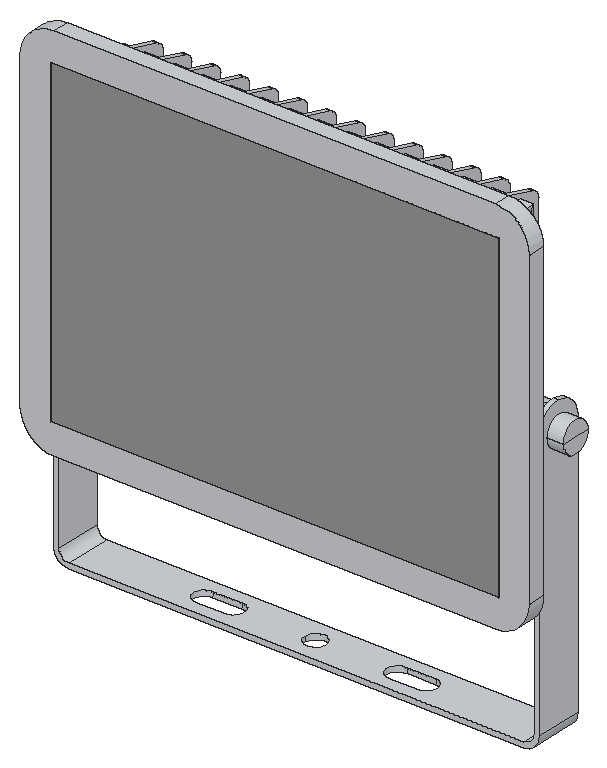
Revit family "0050114", category Lighting Fixtures, Revit 2017
Family settings
  Round Connector Dimension = Use Diameter
  Part Type = Normal
  OmniClass Number = 23.80.70.00
  OmniClass Title = Lighting
  Work Plane-Based = No
  Always vertical = Yes
  Cut with Voids When Loaded = No
  Light Source = Yes
  Shared = No
  Room Calculation Point = No
Parameters (values of type "0050114 ST FLD FLT IP65 3000LM 840 BK")
  Weight = "3.06 kg"
  Wattage = 27 W
  WarrantyStartDate [instance] = "n/a"
  WarrantyGuarantorParts = "n/a"
  WarrantyDurationUnit = "n/a"
  WarrantyDurationParts = "n/a"
  WarrantyDescription = "n/a"
  built-in parameter 1150110 = 1 (stored number, unit not read)
  Voltage = 0 V
  URL = "http://www.sylvania-lighting.com"
  TypeName = "Start Flood Flat IP65 3000LM 840 Black"
  built-in parameter 1114217 = 1 (stored number, unit not read)
  Tilt Angle = 0.00°
  built-in parameter 1150109 = 1 (stored number, unit not read)
  built-in parameter 1150134 = 12
  built-in parameter 1150113 = 1 (stored number, unit not read)
  SerialNumber [instance] = "n/a"
  PowerFactor = 0.9
  PowerConsumption = "27 W"
  Photometric Web File = "0050114.ies"
  NominalWidth = 0 mm
  NominalLength = 133 mm
  NominalHeight = 28 mm
  Name = "Start Flood Flat IP65 3000LM 840 Black"
  ModelReference = "Start Flood Flat IP65 3000LM 840 Black"
  ModelNumber = "0050114"
  Model = "Start Flood Flat IP65 3000LM 840 Black"
  Material_4_FEILO = none
  Material_3_FEILO = none
  Material_2_FEILO = Default New Material
  Material_1_FEILO = none
  Material = "n/a"
  ManufacturerName = "Feilo Sylvania"
  Manufacturer = "Feilo Sylvania"
  LuminousEfficacy = "111 lm/W"
  Lumens = 2997 lm
  LuminaireType = ""
  built-in parameter 1150115 = 1 (stored number, unit not read)
  built-in parameter 1150105 = -3340156.5 (stored number, unit not read)
  LightOutputRatio = "n/a"
  built-in parameter 1150137 = (empty or 0)
  built-in parameter 1150139 = (empty or 0)
  LampsType = "LED"
  LampNominalLuminous = "3000 lm"
  LampMacAdamStep = "5"
  LampColourTemperature = "4000 K"
  LampColourRenderingIndex = "80"
  built-in parameter 1150112 = 1 (stored number, unit not read)
  built-in parameter 1150114 = 1 (stored number, unit not read)
  Lamp = "LED"
  LUM_WIDTH_SYL = 75 mm  # constant formula
  LUM_HEIGHT_SYL = 56 mm  # constant formula
  LUM_EXTR_ST_SYL = -5 mm
  LUM_EXTR_END_SYL = 0 mm
  LUM_DEPTH_SYL = 28 mm
  Keynote = "16500"
  InstallationDate [instance] = "n/a"
  InputVoltage = "n/a"
  InputNominalFrequency = "n/a"
  built-in parameter 1150132 = 2
  built-in parameter 1150102 = (empty or 0)
  built-in parameter 1150138 = (empty or 0)
  built-in parameter 1150107 = 4000 (stored number, unit not read)
  IngressProtection = "IP65"
  ImpactProtectionIndex = "IK06"
  built-in parameter 1150106 = -33401.6 (stored number, unit not read)
  IfcExportType = "IfcLightFixtureType"
  IfcExportAs = "IfcLightFixtureType"
  ElectricShockClassification = "Class I"
  built-in parameter 1150104 = 10.312 (stored number, unit not read)
  DocumentationLiterature = "http://www.sylvania-lighting.com/product/en-int/products/0050114"
  DimmingControlOptions = "n/a"
  Dimming Lamp Color Temperature Shift = <None>
  DIF_WIDTH_SYL = 66 mm  # constant formula
  DIF_HEIGHT_SYL = 47.5 mm  # constant formula
  CreatedOn = "12/2/2020"
  CreatedBy = "@sylvania-lighting.com"
  Color Filter = 16777215
  ClassificationValue = "EF_70_80"
  ClassificationName = "Uniclass2015"
  CABLE_SIDE_DIST_SYL = 44 mm
  CABLE_LENGTH_SYL = 5 mm
  CABLE_FRONT_DIST_SYL = 17.5 mm
  CABLES_DIST_SYL = 56 mm
  BarCode [instance] = "n/a"
  built-in parameter 1114218 = 1 (stored number, unit not read)
  B_RAIL_R_DIST_SYL = 7 mm
  B_RAIL_HEIGHT_SYL = 27 mm
  B_RAIL_DEPTH_SYL = 44 mm
  B_RAIL_CHAMFER_SYL = 7 mm
  BRACKET_HOLDER_WIDTH_SYL = 12 mm
  BRACKET_HOLDER_HEIGHT_SYL = 17 mm
  BRACKET_HOLDER_DIST_SIDE_SYL = 2.8 mm
  BRACKET_HOLDER_DIST_BOTT_SYL = 42 mm
  BRACKET_HOLDER_DEPTH_SYL = 5.7 mm
  BOX_WIDTH_SYL = 60.5 mm
  BOX_TOP_DIST_SYL = 10.5 mm
  BOX_DEPTH_SYL = 14 mm
  BOX_BOTT_DIST_SYL = 28 mm
  BACK_RAIL_WIDTH_SYL = 1.4 mm
  BACK_RAIL_SIDE_DIST_SYL = 19 mm
  BACK_PL_EXTR_ST_SYL = -6 mm
  BACK_PL_EXTR_ST(-1)_SYL = BACK_PL_EXTR_ST_SYL * (-1)  # 6 mm
  BACK_PL_EXTR_END_SYL = -3 mm
  BACK_PL_EXTR_END(-1)_SYL = BACK_PL_EXTR_END_SYL * (-1)  # 3 mm
  built-in parameter 1150133 = 10 (stored number, unit not read)
  AssetType = "Fixed"
  AssetIdentifier [instance] = "n/a"
  Assembly Code = "D5020200"
  Apparent Load = 27 VA
  0_18W_SYL = yes
Types (5, lengths in mm): name | TypeName | built-in parameter 1150134 | Photometric Web File | Name | ModelReference | ModelNumber | Model | LuminousEfficacy | Lumens | built-in parameter 1150105 | LampNominalLuminous | LampColourTemperature | built-in parameter 1150107 | built-in parameter 1150106 | built-in parameter 1150104 | DocumentationLiterature
  0050153 ST FLD FLT IP65 3000LM 865 BK | "Start Flood Flat IP65 3000LM 865 Black" | 1 | "0050153.ies" | "Start Flood Flat IP65 3000LM 865 Black" | "Start Flood Flat IP65 3000LM 865 Black" | "0050153" | "Start Flood Flat IP65 3000LM 865 Black" | "111 lm/W" | 2997 lm | -3340156.5 (stored number, unit not read) | "3000 lm" | "6500 K" | 6500 (stored number, unit not read) | -33401.6 (stored number, unit not read) | 10.312 (stored number, unit not read) | "http://www.sylvania-lighting.com/product/en-int/products/0050153"
  0050116 ST FLD FLT IP65 3000LM 840 WH | "Start Flood Flat IP65 3000LM 840 White" | 12 | "0050116.ies" | "Start Flood Flat IP65 3000LM 840 White" | "Start Flood Flat IP65 3000LM 840 White" | "0050116" | "Start Flood Flat IP65 3000LM 840 White" | "111 lm/W" | 2997 lm | -3340156.5 (stored number, unit not read) | "3000 lm" | "4000 K" | 4000 (stored number, unit not read) | -33401.6 (stored number, unit not read) | 10.312 (stored number, unit not read) | "http://www.sylvania-lighting.com/product/en-int/products/0050116"
  0050115 ST FLD FLT IP65 2850LM 830 WH | "Start Flood Flat IP65 2850LM 830 White" | (empty or 0) | "0050115.ies" | "Start Flood Flat IP65 2850LM 830 White" | "Start Flood Flat IP65 2850LM 830 White" | "0050115" | "Start Flood Flat IP65 2850LM 830 White" | "106 lm/W" | 2862 lm | -3030228.4 (stored number, unit not read) | "2850 lm" | "3000 K" | 3000 (stored number, unit not read) | -30302.3 (stored number, unit not read) | 9.8477 (stored number, unit not read) | "http://www.sylvania-lighting.com/product/en-int/products/0050115"
  0050114 ST FLD FLT IP65 3000LM 840 BK | "Start Flood Flat IP65 3000LM 840 Black" | 12 | "0050114.ies" | "Start Flood Flat IP65 3000LM 840 Black" | "Start Flood Flat IP65 3000LM 840 Black" | "0050114" | "Start Flood Flat IP65 3000LM 840 Black" | "111 lm/W" | 2997 lm | -3340156.5 (stored number, unit not read) | "3000 lm" | "4000 K" | 4000 (stored number, unit not read) | -33401.6 (stored number, unit not read) | 10.312 (stored number, unit not read) | "http://www.sylvania-lighting.com/product/en-int/products/0050114"
  0050113 ST FLD FLT IP65 2850LM 830 BK | "Start Flood Flat IP65 2850LM 830 Black" | (empty or 0) | "0050113.ies" | "Start Flood Flat IP65 2850LM 830 Black" | "Start Flood Flat IP65 2850LM 830 Black" | "0050113" | "Start Flood Flat IP65 2850LM 830 Black" | "106 lm/W" | 2862 lm | -3030228.4 (stored number, unit not read) | "2850 lm" | "3000 K" | 3000 (stored number, unit not read) | -30302.3 (stored number, unit not read) | 9.8477 (stored number, unit not read) | "http://www.sylvania-lighting.com/product/en-int/products/0050113"
Reference planes
  plane 1 "Light Source Axis (F/B)": y = 0
  plane 2: z = 0
  plane 3 "Light Source Axis (L/R)": x = 0
  plane 4 "Light Source Elevation": z = -0.469
  plane 5: x = 75
  plane 6: x = -75
  plane 7: z = 56
  plane 8: z = -56
  plane 9: x = 66
  plane 10: x = -66
  plane 11: z = 47.5
  plane 12: z = -47.5
  plane 13: y = 6
  plane 14: y = 3
  plane 15: x = -60.5
  plane 16: x = 60.5
  plane 17: y = 20
  plane 18: z = 45.5
  plane 19: z = -28
  plane 20: y = 28
  plane 21: z = -14
  plane 22: z = -2
  plane 23: y = 21
  plane 24: x = 54.2
  plane 25: x = 39.5
  plane 26: x = 31
  plane 27: x = -25
  plane 28: y = 14
  plane 29: z = -38
  plane 30: y = 27
  plane 31: z = 16
  plane 32: z = 9
  plane 33: x = 56
  plane 34: x = 54.6
  plane 35: x = 47.6
  plane 36: x = 20.8
  plane 37: x = 13.8
  plane 38: x = 12.4
  plane 39: x = 5.4
  plane 40: x = 4
  plane 41: z = -50.4
  plane 42: x = 64
  plane 43: x = 70
  plane 44: z = -59.1
Forms (mm)
  Extrusion 1, solid
    sketch origin (0, 0, 0) x (1, 0, 0) y (0, 0, 1)
      loop
        arc (-65, 56) -> (-72.071, 53.071) -> (-75, 46) r 10
        line (-75, 46) -> (-75, -46)
        arc (-75, -46) -> (-72.071, -53.071) -> (-65, -56) r 10
        line (-65, -56) -> (65, -56)
        arc (65, -56) -> (72.071, -53.071) -> (75, -46) r 10
        line (75, -46) -> (75, 46)
        arc (75, 46) -> (72.071, 53.071) -> (65, 56) r 10
        line (65, 56) -> (-65, 56)
      loop
        line (-66, 47.5) -> (-66, -47.5) -> (66, -47.5) -> (66, 47.5) -> (-66, 47.5)
    from -5 <- "LUM_EXTR_ST_SYL" to 0 <- "LUM_EXTR_END_SYL"
  Extrusion 2, solid, material "Default New Material" <- "Material_2_FEILO"
    sketch origin (0, 0, 0) x (1, 0, 0) y (0, 0, 1)
      loop
        line (-66, 47.5) -> (-66, -47.5) -> (66, -47.5) -> (66, 47.5) -> (-66, 47.5)
    from -3 <- "BACK_PL_EXTR_END_SYL" to 0 <- "LUM_EXTR_END_SYL"
  Extrusion 3, solid
    sketch origin (0, 0, 0) x (1, 0, 0) y (0, 0, 1)
      loop
        line (66, 47.5) -> (-66, 47.5) -> (-66, -47.5) -> (66, -47.5) -> (66, 47.5)
    from -6 <- "BACK_PL_EXTR_ST_SYL" to -3 <- "BACK_PL_EXTR_END_SYL"
  Extrusion 4, solid
    sketch origin (0, 0, 0) x (1, 0, 0) y (0, 1, 0)
      loop
        arc (-59.5, 20) -> (-60.207, 19.707) -> (-60.5, 19) r 1
        line (-60.5, 19) -> (-60.5, 6) -> (60.5, 6) -> (60.5, 19)
        arc (60.5, 19) -> (60.207, 19.707) -> (59.5, 20) r 1
        line (59.5, 20) -> (-59.5, 20)
    from -28 to 45.5
  Extrusion 5, solid
    sketch origin (0, 0, 0) x (1, 0, 0) y (0, 1, 0)
      loop
        arc (-52.5, 28) -> (-58.157, 25.657) -> (-60.5, 20) r 8
        line (-60.5, 20) -> (-60.5, 6) -> (60.5, 6) -> (60.5, 20)
        arc (60.5, 20) -> (58.157, 25.657) -> (52.5, 28) r 8
        line (52.5, 28) -> (-52.5, 28)
    from -47.5 to -28
  Extrusion 6, solid
    sketch origin (0, 0, 0) x (0, 1, 0) y (0, 0, 1)
      loop
        line (5, -2) -> (5, -14) -> (15, -14)
        arc (15, -14) -> (19.243, -12.243) -> (21, -8) r 6
        arc (21, -8) -> (19.243, -3.757) -> (15, -2) r 6
        line (15, -2) -> (5, -2)
      loop
        circle (15, -8) r 2.5
    from 64 to 70
  Extrusion 7, solid
    sketch origin (0, 0, 0) x (1, 0, 0) y (0, 1, 0)
      loop
        circle (-25, 14) r 7
      loop
        circle (31, 14) r 9
    from -59.1 to -47.5
  Extrusion 8, solid
    sketch origin (-75.017, 5.639, -10.469) x (0, 1, 0) y (0, 0, -1)
      loop
        line (-0.625, 17.969) -> (-0.625, -34.188) -> (-0.625, -61.668) -> (19.238, -55.969)
        arc (19.238, -55.969) -> (20.908, -54.706) -> (21.299, -52.649) r 2.911
        line (21.299, -52.649) -> (21.299, 17.969) -> (-0.625, 17.969)
    from -131.017 to -129.617
  Extrusion 9, solid
    sketch origin (0, 0, 0) x (0, 1, 0) y (0, 0, -1)
      loop
        line (5, 2) -> (15, 2)
        arc (15, 2) -> (19.243, 3.757) -> (21, 8) r 6
        arc (21, 8) -> (19.243, 12.243) -> (15, 14) r 6
        line (15, 14) -> (5, 14) -> (5, 2)
      loop
        circle (15, 8) r 2.5
    from 64 to 70
  Extrusion 10, solid
    sketch origin (75.017, 5.639, -10.469) x (0, 1, 0) y (0, 0, 1)
      loop
        line (-0.625, -17.969) -> (21.299, -17.969) -> (21.299, 52.649)
        arc (21.299, 52.649) -> (20.908, 54.706) -> (19.238, 55.969) r 2.911
        line (19.238, 55.969) -> (-0.625, 61.668) -> (-0.625, 34.188) -> (-0.625, -17.969)
    from -131.017 to -129.617
  Extrusion 11, solid
    sketch origin (-185.617, 5.639, -10.469) x (0, 1, 0) y (0, 0, -1)
      loop
        line (-0.625, 17.969) -> (-0.625, -34.188) -> (-0.625, -61.668) -> (19.238, -55.969)
        arc (19.238, -55.969) -> (20.908, -54.706) -> (21.299, -52.649) r 2.911
        line (21.299, -52.649) -> (21.299, 17.969) -> (-0.625, 17.969)
    from -131.017 to -129.617
  Extrusion 12, solid
    sketch origin (-83.524, 5.639, -10.469) x (0, 1, 0) y (0, 0, -1)
      loop
        line (-0.625, 17.969) -> (-0.625, -34.188) -> (-0.625, -61.668) -> (19.238, -55.969)
        arc (19.238, -55.969) -> (20.908, -54.706) -> (21.299, -52.649) r 2.911
        line (21.299, -52.649) -> (21.299, 17.969) -> (-0.625, 17.969)
    from -131.017 to -129.617
  Extrusion 13, solid
    sketch origin (-92.032, 5.639, -10.469) x (0, 1, 0) y (0, 0, -1)
      loop
        line (-0.625, 17.969) -> (-0.625, -34.188) -> (-0.625, -61.668) -> (19.238, -55.969)
        arc (19.238, -55.969) -> (20.908, -54.706) -> (21.299, -52.649) r 2.911
        line (21.299, -52.649) -> (21.299, 17.969) -> (-0.625, 17.969)
    from -131.017 to -129.617
  Extrusion 14, solid
    sketch origin (-100.54, 5.639, -10.469) x (0, 1, 0) y (0, 0, -1)
      loop
        line (-0.625, 17.969) -> (-0.625, -34.188) -> (-0.625, -61.668) -> (19.238, -55.969)
        arc (19.238, -55.969) -> (20.908, -54.706) -> (21.299, -52.649) r 2.911
        line (21.299, -52.649) -> (21.299, 17.969) -> (-0.625, 17.969)
    from -131.017 to -129.617
  Extrusion 15, solid
    sketch origin (-109.047, 5.639, -10.469) x (0, 1, 0) y (0, 0, -1)
      loop
        line (-0.625, 17.969) -> (-0.625, -34.188) -> (-0.625, -61.668) -> (19.238, -55.969)
        arc (19.238, -55.969) -> (20.908, -54.706) -> (21.299, -52.649) r 2.911
        line (21.299, -52.649) -> (21.299, 17.969) -> (-0.625, 17.969)
    from -131.017 to -129.617
  Extrusion 16, solid
    sketch origin (-117.555, 5.639, -10.469) x (0, 1, 0) y (0, 0, -1)
      loop
        line (-0.625, 17.969) -> (-0.625, -34.188) -> (-0.625, -61.668) -> (19.238, -55.969)
        arc (19.238, -55.969) -> (20.908, -54.706) -> (21.299, -52.649) r 2.911
        line (21.299, -52.649) -> (21.299, 17.969) -> (-0.625, 17.969)
    from -131.017 to -129.617
  Extrusion 17, solid
    sketch origin (-126.063, 5.639, -10.469) x (0, 1, 0) y (0, 0, -1)
      loop
        line (-0.625, 17.969) -> (-0.625, -34.188) -> (-0.625, -61.668) -> (19.238, -55.969)
        arc (19.238, -55.969) -> (20.908, -54.706) -> (21.299, -52.649) r 2.911
        line (21.299, -52.649) -> (21.299, 17.969) -> (-0.625, 17.969)
    from -131.017 to -129.617
  Extrusion 18, solid
    sketch origin (-134.571, 5.639, -10.469) x (0, 1, 0) y (0, 0, -1)
      loop
        line (-0.625, 17.969) -> (-0.625, -34.188) -> (-0.625, -61.668) -> (19.238, -55.969)
        arc (19.238, -55.969) -> (20.908, -54.706) -> (21.299, -52.649) r 2.911
        line (21.299, -52.649) -> (21.299, 17.969) -> (-0.625, 17.969)
    from -131.017 to -129.617
  Extrusion 19, solid
    sketch origin (-143.078, 5.639, -10.469) x (0, 1, 0) y (0, 0, -1)
      loop
        line (-0.625, 17.969) -> (-0.625, -34.188) -> (-0.625, -61.668) -> (19.238, -55.969)
        arc (19.238, -55.969) -> (20.908, -54.706) -> (21.299, -52.649) r 2.911
        line (21.299, -52.649) -> (21.299, 17.969) -> (-0.625, 17.969)
    from -131.017 to -129.617
  Extrusion 20, solid
    sketch origin (-151.586, 5.639, -10.469) x (0, 1, 0) y (0, 0, -1)
      loop
        line (-0.625, 17.969) -> (-0.625, -34.188) -> (-0.625, -61.668) -> (19.238, -55.969)
        arc (19.238, -55.969) -> (20.908, -54.706) -> (21.299, -52.649) r 2.911
        line (21.299, -52.649) -> (21.299, 17.969) -> (-0.625, 17.969)
    from -131.017 to -129.617
  Extrusion 21, solid
    sketch origin (-160.094, 5.639, -10.469) x (0, 1, 0) y (0, 0, -1)
      loop
        line (-0.625, 17.969) -> (-0.625, -34.188) -> (-0.625, -61.668) -> (19.238, -55.969)
        arc (19.238, -55.969) -> (20.908, -54.706) -> (21.299, -52.649) r 2.911
        line (21.299, -52.649) -> (21.299, 17.969) -> (-0.625, 17.969)
    from -131.017 to -129.617
  Extrusion 22, solid
    sketch origin (-168.601, 5.639, -10.469) x (0, 1, 0) y (0, 0, -1)
      loop
        line (-0.625, 17.969) -> (-0.625, -34.188) -> (-0.625, -61.668) -> (19.238, -55.969)
        arc (19.238, -55.969) -> (20.908, -54.706) -> (21.299, -52.649) r 2.911
        line (21.299, -52.649) -> (21.299, 17.969) -> (-0.625, 17.969)
    from -131.017 to -129.617
  Extrusion 23, solid
    sketch origin (-177.109, 5.639, -10.469) x (0, 1, 0) y (0, 0, -1)
      loop
        line (-0.625, 17.969) -> (-0.625, -34.188) -> (-0.625, -61.668) -> (19.238, -55.969)
        arc (19.238, -55.969) -> (20.908, -54.706) -> (21.299, -52.649) r 2.911
        line (21.299, -52.649) -> (21.299, 17.969) -> (-0.625, 17.969)
    from -131.017 to -129.617
Cuts and joins
  joined: Extrusion 1, Extrusion 3, Extrusion 4, Extrusion 5
Dimensions and locks
  "LUM_WIDTH_SYL": plane 5 to plane 3 "Light Source Axis (L/R)" to plane 6
  "LUM_HEIGHT_SYL": plane 7 to plane 2 to plane 8
  "DIF_WIDTH_SYL": plane 9 to plane 3 "Light Source Axis (L/R)" to plane 10
  "DIF_HEIGHT_SYL": plane 11 to plane 2 to plane 12
  "BACK_PL_EXTR_ST(-1)_SYL": plane 1 "Light Source Axis (F/B)" to plane 13
  "BACK_PL_EXTR_END(-1)_SYL": plane 1 "Light Source Axis (F/B)" to plane 14
  "BOX_WIDTH_SYL": plane 15 to plane 3 "Light Source Axis (L/R)" to plane 16
  "BOX_DEPTH_SYL": plane 13 to plane 17
  "BOX_TOP_DIST_SYL": plane 18 to plane 7
  "BOX_BOTT_DIST_SYL": plane 8 to plane 19
  "LUM_DEPTH_SYL": plane 1 "Light Source Axis (F/B)" to plane 20
  "BRACKET_HOLDER_DIST_BOTT_SYL": plane 21 to plane 8
  "BRACKET_HOLDER_WIDTH_SYL": plane 22 to plane 21
  cut or joined group of Extrusion 1, Extrusion 3, Extrusion 4, Extrusion 5 to plane 23 = 15 mm
  cut or joined group of Extrusion 1, Extrusion 3, Extrusion 4, Extrusion 5 to plane 24 = 20.8 mm
  plane 25 to plane 24 = 14.7 mm
  "CABLES_DIST_SYL": plane 27 to plane 26
  "CABLE_SIDE_DIST_SYL": plane 26 to plane 5
  cut or joined group of Extrusion 1, Extrusion 3, Extrusion 4, Extrusion 5 to plane 28 = 14 mm
  cut or joined group of Extrusion 1, Extrusion 3, Extrusion 4, Extrusion 5 to plane 29 = 18 mm
  "B_RAIL_HEIGHT_SYL": plane 30 to plane 1 "Light Source Axis (F/B)"
  "B_RAIL_DEPTH_SYL": plane 31 to plane 19
  "B_RAIL_CHAMFER_SYL": plane 31 to plane 32
  "BACK_RAIL_SIDE_DIST_SYL": plane 5 to plane 33
  "BACK_RAIL_WIDTH_SYL": plane 33 to plane 34
  "B_RAIL_R_DIST_SYL": plane 34 to plane 35
  "B_RAIL_R_DIST_SYL": plane 36 to plane 37
  "BACK_RAIL_WIDTH_SYL": plane 37 to plane 38
  "BACK_RAIL_WIDTH_SYL": plane 39 to plane 40
  "B_RAIL_R_DIST_SYL": plane 38 to plane 39
  plane 35 to plane 26 = 16.6 mm
  equal spacing: group 2, group 14, group 13, group 12, group 11, group 10, group 9, group 8, group 7, group 6, group 5, group 4, group 3, group 1
  equal spacing: group 1, group 3, group 4, group 5, group 6, group 7, group 8, group 9, group 10, group 11, group 12, group 13, group 14, group 2  (x2)
  aligned and locked: plane 4 "Light Source Elevation" to imposter light
  aligned and locked: level to plane 2
  aligned and locked: Extrusion 1 sketch curve to plane 7
  aligned and locked: plane 6 to Extrusion 1 sketch curve
  aligned and locked: plane 8 to Extrusion 1 sketch curve
  aligned and locked: Extrusion 1 sketch curve to plane 5
  aligned and locked: Extrusion 1 sketch curve to plane 11
  aligned and locked: plane 10 to Extrusion 1 sketch curve
  aligned and locked: plane 12 to Extrusion 1 sketch curve
  aligned and locked: Extrusion 1 sketch curve to plane 9
  aligned and locked: Extrusion 2 sketch curve to Extrusion 1  (x4)
  aligned and locked: Extrusion 3 sketch curve to Extrusion 1  (x4)
  aligned and locked: Extrusion 3 to Extrusion 2
  aligned and locked: plane 17 to Extrusion 4 sketch curve
  aligned and locked: plane 15 to Extrusion 4 sketch curve
  aligned and locked: Extrusion 4 sketch curve to plane 13
  aligned and locked: Extrusion 4 sketch curve to plane 16
  aligned and locked: plane 18 to Extrusion 4
  aligned and locked: Extrusion 4 to plane 19
  aligned and locked: plane 20 to Extrusion 5 sketch curve
  aligned and locked: plane 15 to Extrusion 5 sketch curve
  aligned and locked: cut or joined group of Extrusion 1, Extrusion 3, Extrusion 4, Extrusion 5 to Extrusion 5 sketch curve
  aligned and locked: Extrusion 5 sketch curve to cut or joined group of Extrusion 1, Extrusion 3, Extrusion 4, Extrusion 5
  aligned and locked: plane 19 to Extrusion 5
  aligned and locked: Extrusion 5 to plane 12
  aligned and locked: Extrusion 6 sketch curve to plane 22
  aligned and locked: plane 21 to Extrusion 6 sketch curve
  aligned and locked: Extrusion 7 to Extrusion 2
  aligned and locked: Extrusion 6 to cut or joined group of Extrusion 1, Extrusion 3, Extrusion 4, Extrusion 5
  aligned and locked: plane 42 to Extrusion 6
  aligned and locked: Extrusion 6 to plane 43
  aligned and locked: Extrusion 7 to plane 44
  aligned and locked: plane 33 to Extrusion 8
  aligned and locked: Extrusion 8 to plane 34
Automatic sketch dimensions
  plane 18 to Extrusion 1 sketch curve = 0.5 mm  (x2)
  plane 10 to Extrusion 1 sketch curve = 1 mm
  Extrusion 1 sketch curve to plane 9 = 1 mm
  plane 15 to Extrusion 4 sketch curve = 1 mm
  Extrusion 4 sketch curve to plane 16 = 1 mm
  Extrusion 5 sketch curve to plane 15 = 0 mm
  plane 28 to Extrusion 5 sketch curve = 6 mm  (x2)
  Extrusion 6 sketch curve to Extrusion 6 sketch curve = 0 mm  (x5)
  Extrusion 6 sketch curve to plane 23 = 0 mm
  plane 13 to Extrusion 6 sketch curve = 1 mm
  Extrusion 7 sketch curve to plane 27 = 0 mm
  Extrusion 7 sketch curve to plane 26 = 0 mm
  Extrusion 7 sketch curve to plane 28 = 0 mm  (x2)
  Extrusion 9 sketch curve to Extrusion 9 sketch curve = 0 mm  (x6)
  Extrusion 9 sketch curve to plane 21 = 0 mm
  Extrusion 9 sketch curve to plane 22 = 0 mm
  Extrusion 9 sketch curve to plane 23 = 0 mm
  plane 13 to Extrusion 9 sketch curve = 1 mm
  Extrusion 10 sketch curve to plane 18 = 0 mm
  Extrusion 10 sketch curve to plane 19 = 0.438 mm
  plane 13 to Extrusion 10 sketch curve = 0.986 mm
  plane 30 to Extrusion 10 sketch curve = 2.927 mm
  plane 30 to Extrusion 10 sketch curve = 2.124 mm
  plane 30 to Extrusion 10 sketch curve = 0.062 mm
  plane 31 to Extrusion 10 sketch curve = 7.719 mm
  Extrusion 10 sketch curve to plane 18 = 3.32 mm
  Extrusion 8 sketch curve to Extrusion 8 sketch curve = 19.06 mm
  Extrusion 8 sketch curve to Extrusion 8 sketch curve = 0.803 mm
  Extrusion 8 sketch curve to Extrusion 8 sketch curve = 21.924 mm
  Extrusion 8 sketch curve to Extrusion 8 sketch curve = 5.699 mm
  Extrusion 8 sketch curve to Extrusion 8 sketch curve = 18.983 mm
  Extrusion 8 sketch curve to Extrusion 8 sketch curve = 52.156 mm
  Extrusion 11 sketch curve to Extrusion 11 sketch curve = 19.06 mm
  Extrusion 11 sketch curve to Extrusion 11 sketch curve = 0.803 mm
  Extrusion 11 sketch curve to Extrusion 11 sketch curve = 21.924 mm
  Extrusion 11 sketch curve to Extrusion 11 sketch curve = 5.699 mm
  Extrusion 11 sketch curve to Extrusion 11 sketch curve = 18.983 mm
  Extrusion 11 sketch curve to Extrusion 11 sketch curve = 52.156 mm
  Extrusion 12 sketch curve to Extrusion 12 sketch curve = 19.06 mm
  Extrusion 12 sketch curve to Extrusion 12 sketch curve = 0.803 mm
  Extrusion 12 sketch curve to Extrusion 12 sketch curve = 21.924 mm
  Extrusion 12 sketch curve to Extrusion 12 sketch curve = 5.699 mm
  Extrusion 12 sketch curve to Extrusion 12 sketch curve = 18.983 mm
  Extrusion 12 sketch curve to Extrusion 12 sketch curve = 52.156 mm
  Extrusion 13 sketch curve to Extrusion 13 sketch curve = 19.06 mm
  Extrusion 13 sketch curve to Extrusion 13 sketch curve = 0.803 mm
  Extrusion 13 sketch curve to Extrusion 13 sketch curve = 21.924 mm
  Extrusion 13 sketch curve to Extrusion 13 sketch curve = 5.699 mm
  Extrusion 13 sketch curve to Extrusion 13 sketch curve = 18.983 mm
  Extrusion 13 sketch curve to Extrusion 13 sketch curve = 52.156 mm
  Extrusion 14 sketch curve to Extrusion 14 sketch curve = 19.06 mm
  Extrusion 14 sketch curve to Extrusion 14 sketch curve = 0.803 mm
  Extrusion 14 sketch curve to Extrusion 14 sketch curve = 21.924 mm
  Extrusion 14 sketch curve to Extrusion 14 sketch curve = 5.699 mm
  Extrusion 14 sketch curve to Extrusion 14 sketch curve = 18.983 mm
  Extrusion 14 sketch curve to Extrusion 14 sketch curve = 52.156 mm
  Extrusion 15 sketch curve to Extrusion 15 sketch curve = 19.06 mm
  Extrusion 15 sketch curve to Extrusion 15 sketch curve = 0.803 mm
  Extrusion 15 sketch curve to Extrusion 15 sketch curve = 21.924 mm
  Extrusion 15 sketch curve to Extrusion 15 sketch curve = 5.699 mm
  Extrusion 15 sketch curve to Extrusion 15 sketch curve = 18.983 mm
  Extrusion 15 sketch curve to Extrusion 15 sketch curve = 52.156 mm
  Extrusion 16 sketch curve to Extrusion 16 sketch curve = 19.06 mm
  Extrusion 16 sketch curve to Extrusion 16 sketch curve = 0.803 mm
  Extrusion 16 sketch curve to Extrusion 16 sketch curve = 21.924 mm
  Extrusion 16 sketch curve to Extrusion 16 sketch curve = 5.699 mm
  Extrusion 16 sketch curve to Extrusion 16 sketch curve = 18.983 mm
  Extrusion 16 sketch curve to Extrusion 16 sketch curve = 52.156 mm
  Extrusion 17 sketch curve to Extrusion 17 sketch curve = 19.06 mm
  Extrusion 17 sketch curve to Extrusion 17 sketch curve = 0.803 mm
  Extrusion 17 sketch curve to Extrusion 17 sketch curve = 21.924 mm
  Extrusion 17 sketch curve to Extrusion 17 sketch curve = 5.699 mm
  Extrusion 17 sketch curve to Extrusion 17 sketch curve = 18.983 mm
  Extrusion 17 sketch curve to Extrusion 17 sketch curve = 52.156 mm
  Extrusion 18 sketch curve to Extrusion 18 sketch curve = 19.06 mm
  Extrusion 18 sketch curve to Extrusion 18 sketch curve = 0.803 mm
  Extrusion 18 sketch curve to Extrusion 18 sketch curve = 21.924 mm
  Extrusion 18 sketch curve to Extrusion 18 sketch curve = 5.699 mm
  Extrusion 18 sketch curve to Extrusion 18 sketch curve = 18.983 mm
  Extrusion 18 sketch curve to Extrusion 18 sketch curve = 52.156 mm
  Extrusion 19 sketch curve to Extrusion 19 sketch curve = 19.06 mm
  Extrusion 19 sketch curve to Extrusion 19 sketch curve = 0.803 mm
  Extrusion 19 sketch curve to Extrusion 19 sketch curve = 21.924 mm
  Extrusion 19 sketch curve to Extrusion 19 sketch curve = 5.699 mm
  Extrusion 19 sketch curve to Extrusion 19 sketch curve = 18.983 mm
  Extrusion 19 sketch curve to Extrusion 19 sketch curve = 52.156 mm
  Extrusion 20 sketch curve to Extrusion 20 sketch curve = 19.06 mm
  Extrusion 20 sketch curve to Extrusion 20 sketch curve = 0.803 mm
  Extrusion 20 sketch curve to Extrusion 20 sketch curve = 21.924 mm
  Extrusion 20 sketch curve to Extrusion 20 sketch curve = 5.699 mm
  Extrusion 20 sketch curve to Extrusion 20 sketch curve = 18.983 mm
  Extrusion 20 sketch curve to Extrusion 20 sketch curve = 52.156 mm
  Extrusion 21 sketch curve to Extrusion 21 sketch curve = 19.06 mm
  Extrusion 21 sketch curve to Extrusion 21 sketch curve = 0.803 mm
  Extrusion 21 sketch curve to Extrusion 21 sketch curve = 21.924 mm
  Extrusion 21 sketch curve to Extrusion 21 sketch curve = 5.699 mm
  Extrusion 21 sketch curve to Extrusion 21 sketch curve = 18.983 mm
  Extrusion 21 sketch curve to Extrusion 21 sketch curve = 52.156 mm
  Extrusion 22 sketch curve to Extrusion 22 sketch curve = 19.06 mm
  Extrusion 22 sketch curve to Extrusion 22 sketch curve = 0.803 mm
  Extrusion 22 sketch curve to Extrusion 22 sketch curve = 21.924 mm
  Extrusion 22 sketch curve to Extrusion 22 sketch curve = 5.699 mm
  Extrusion 22 sketch curve to Extrusion 22 sketch curve = 18.983 mm
  Extrusion 22 sketch curve to Extrusion 22 sketch curve = 52.156 mm
  Extrusion 23 sketch curve to Extrusion 23 sketch curve = 19.06 mm
  Extrusion 23 sketch curve to Extrusion 23 sketch curve = 0.803 mm
  Extrusion 23 sketch curve to Extrusion 23 sketch curve = 21.924 mm
  Extrusion 23 sketch curve to Extrusion 23 sketch curve = 5.699 mm
  Extrusion 23 sketch curve to Extrusion 23 sketch curve = 18.983 mm
  Extrusion 23 sketch curve to Extrusion 23 sketch curve = 52.156 mm
  radius of Extrusion 6 sketch curve = 2.5 mm
  radius of Extrusion 7 sketch curve = 7 mm
  radius of Extrusion 7 sketch curve = 9 mm
  radius of Extrusion 9 sketch curve = 2.5 mm
Nested families
  nested 1: "START Flood Flat - 27W_bracket" at (0, 15.031, -52.52), type "START Flood Flat - 27W_bracket"
  nested 2: "bolt" at (-71.5, 15.031, -8.02) x (-1, 0, 0) z (0, 0, 1), type "bolt"
  nested 3: "bolt" at (71.5, 15.031, -7.969), type "bolt"
Definition of nested family "START Flood Flat - 27W_bracket"
  Parameters (values of type "START Flood Flat - 27W_bracket")
    WIDTH_SYL = 143 mm
    THICKNESS_SYL = 1.5 mm
    Material_4_SYL = none
    Material_3_SYL = none
    Material_2_SYL = none
    Material_1_SYL = none
    HOLE_DIST_SYL = 8.5 mm
    HOLE2_DIST_SYL = 8 mm
    HEIGHT_SYL = 90 mm
    HALF_SYL = WIDTH_SYL / 2  # 71.5 mm
    FILLET_SYL = 7 mm
    DEPTH_2_SYL = -7 mm
    DEPTH_1_SYL = 7 mm
    CUTOUT_DIST_SYL = 24.2 mm
  Reference planes
    plane 1 "Center (Front/Back)": y = 0
    plane 2: z = 0
    plane 3 "Center (Left/Right)": x = 0
    plane 4: x = -71.5
    plane 5: x = 71.5
    plane 6: z = -37.5
    plane 7: z = 52.5
    plane 8: x = -70
    plane 9: z = -36
    plane 10: x = 70
    plane 11: z = 44.5
    plane 12: z = 45.5
    plane 13: x = 24.2
    plane 14: x = -24.2
    plane 15: x = 32.7
    plane 16: x = -32.7
  Forms (mm)
    Extrusion 1, solid
      sketch origin (0, 0, 0) x (1, 0, 0) y (0, 0, 1)
        loop
          arc (-71.5, -33) -> (-70.182, -36.182) -> (-67, -37.5) r 4.5
          line (-67, -37.5) -> (67, -37.5)
          arc (67, -37.5) -> (70.182, -36.182) -> (71.5, -33) r 4.5
          line (71.5, -33) -> (71.5, 52.5) -> (70, 52.5) -> (70, -33)
          arc (70, -33) -> (69.121, -35.121) -> (67, -36) r 3
          line (67, -36) -> (-67, -36)
          arc (-67, -36) -> (-69.121, -35.121) -> (-70, -33) r 3
          line (-70, -33) -> (-70, 52.5) -> (-71.5, 52.5) -> (-71.5, -33)
      from -7 <- "DEPTH_2_SYL" to 7 <- "DEPTH_1_SYL"
    Extrusion 2, void
      sketch origin (0, 0, 0) x (0, 1, 0) y (0, 0, 1)
        loop
          circle (0, 44.5) r 3.15
      from -71.5 to 71.5
    Extrusion 3, void
      sketch origin (0, 0, 0) x (0, 1, 0) y (0, 0, 1)
        loop
          line (7, 45.5) -> (14.83, 58.08) -> (-15.17, 58.08) -> (-7, 45.5)
          arc (-7, 45.5) -> (-4.95, 50.45) -> (0, 52.5) r 7
          arc (0, 52.5) -> (4.95, 50.45) -> (7, 45.5) r 7
      from -71.5 to 71.5
    Extrusion 4, void
      sketch origin (0, 0, 0) x (1, 0, 0) y (0, 1, 0)
        loop
          circle (0, 0) r 3.25
        loop
          arc (-32.7, 3.25) -> (-35.95, 0) -> (-32.7, -3.25) r 3.25
          line (-32.7, -3.25) -> (-24.2, -3.25)
          arc (-24.2, -3.25) -> (-20.95, 0) -> (-24.2, 3.25) r 3.25
          line (-24.2, 3.25) -> (-32.7, 3.25)
        loop
          line (24.2, -3.25) -> (32.7, -3.25)
          arc (32.7, -3.25) -> (35.95, 0) -> (32.7, 3.25) r 3.25
          line (32.7, 3.25) -> (24.2, 3.25)
          arc (24.2, 3.25) -> (20.95, 0) -> (24.2, -3.25) r 3.25
      from -54.767 to -28.006
  Cuts and joins
    Extrusion 2, Extrusion 3, Extrusion 4 cuts Extrusion 1
  Dimensions and locks
    "THICKNESS_SYL": plane 8 to plane 4
    "THICKNESS_SYL": plane 5 to plane 10
    "WIDTH_SYL": plane 5 to plane 4
    "HEIGHT_SYL": plane 7 to plane 6
    "FILLET_SYL": plane 7 to plane 12
    "CUTOUT_DIST_SYL": plane 14 to plane 3 "Center (Left/Right)" to plane 13
    "HOLE_DIST_SYL": plane 16 to plane 14
    "HOLE_DIST_SYL": plane 13 to plane 15
    "HOLE2_DIST_SYL": plane 7 to plane 11
    "HALF_SYL": plane 4 to plane 3 "Center (Left/Right)"
    aligned and locked: level to plane 2
    aligned and locked: plane 4 to Extrusion 1 sketch curve
    aligned and locked: plane 6 to Extrusion 1 sketch curve
    aligned and locked: Extrusion 1 sketch curve to plane 5
    aligned and locked: plane 8 to Extrusion 1 sketch curve
    aligned and locked: plane 9 to Extrusion 1 sketch curve
    aligned and locked: Extrusion 1 sketch curve to plane 10
    aligned and locked: plane 7 to Extrusion 1 sketch curve  (x2)
    aligned and locked: Extrusion 1 to Extrusion 2  (x2)
    aligned and locked: Extrusion 1 to Extrusion 3
    aligned and locked: Extrusion 3 to Extrusion 1
  Automatic sketch dimensions
    Extrusion 1 sketch curve to Extrusion 1 sketch curve = 0 mm
    plane 8 to Extrusion 1 sketch curve = 3 mm
    Extrusion 1 sketch curve to plane 10 = 3 mm
    Extrusion 1 sketch curve to Extrusion 1 sketch curve = 3 mm
    Extrusion 2 sketch curve to plane 1 "Center (Front/Back)" = 0 mm
    Extrusion 2 sketch curve to plane 11 = 0 mm
    Extrusion 3 sketch curve to Extrusion 3 sketch curve = 0 mm
    Extrusion 3 sketch curve to plane 12 = 0 mm
    Extrusion 3 sketch curve to plane 1 "Center (Front/Back)" = 0 mm
    Extrusion 3 sketch curve to plane 7 = 0 mm
    Extrusion 3 sketch curve to Extrusion 3 sketch curve = 8.17 mm
    plane 7 to Extrusion 3 sketch curve = 5.58 mm
    Extrusion 3 sketch curve to Extrusion 3 sketch curve = 7.83 mm
    plane 1 "Center (Front/Back)" to Extrusion 4 sketch curve = 0 mm  (x3)
    Extrusion 4 sketch curve to plane 16 = 0 mm
    Extrusion 4 sketch curve to plane 14 = 0 mm
    Extrusion 4 sketch curve to plane 3 "Center (Left/Right)" = 0 mm
    Extrusion 4 sketch curve to plane 13 = 0 mm
    Extrusion 4 sketch curve to plane 15 = 0 mm
    plane 1 "Center (Front/Back)" to Extrusion 4 sketch curve = 3.25 mm  (x2)
    radius of Extrusion 2 sketch curve = 3.15 mm
    radius of Extrusion 4 sketch curve = 3.25 mm
Definition of nested family "bolt"
  Parameters (values of type "bolt")
    Material_4_SYL = none
    Material_3_SYL = none
    Material_2_SYL = none
    Material_1_SYL = none
  Reference planes
    plane 1 "Center (Front/Back)": y = 0
    plane 2: z = 0
    plane 3 "Center (Left/Right)": x = 0
    plane 4: x = 5
    plane 5: x = -10
    plane 6: y = 2.5
    plane 7: y = -2.5
    plane 8: y = 4.5
    plane 9: y = -4.5
  Forms (mm)
    Revolve 1, solid
      sketch origin (0, 0, 0) x (1, 0, 0) y (0, 1, 0)
        loop
          line (5, 0) -> (-10, 0) -> (-10, -2.5) -> (0, -2.5) -> (0, -4.5) -> (5, -4.5) -> (5, 0)
        axis (5, 0) -> (-10, 0)
      angle from 0 to 360
  Dimensions and locks
    aligned and locked: level to plane 2
